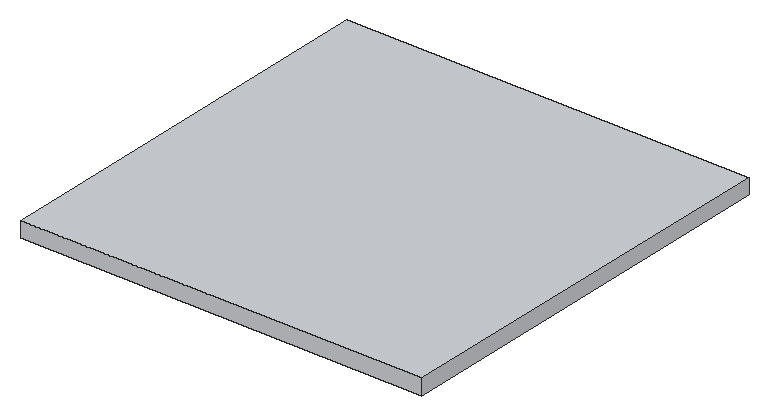
Revit family
Parameters (values of type "OW1344-1FS28(120V)")
  Wattage Comments = "28W"
  Wattage = 0.005453 W
  built-in parameter 1150110 = 1 (stored number, unit not read)
  Voltage = 120 V
  URL = "www.visalighting.com"
  Tilt Angle = 180.00°
  built-in parameter 1150109 = 1 (stored number, unit not read)
  built-in parameter 1150134 = 3
  built-in parameter 1150113 = 1 (stored number, unit not read)
  Mounting Type-Location = "Wall"
  Model = "OW1344"
  Max Current = 0.3 A
  Manufacturer Description = "Raven, Diffuse Optic, Exterior"
  Manufacturer = "Visa Lighting"
  MC (mounting center) = "24.1/8\""
  built-in parameter 1150105 = 0.064458 (stored number, unit not read)
  Lumens per Lamp = 2900
  Lumens = Lamp Qty * Lumens per Lamp  # 2900 lm
  built-in parameter 1150115 = 1 (stored number, unit not read)
  built-in parameter 1150137 = (empty or 0)
  built-in parameter 1114217 = 1 (stored number, unit not read)
  built-in parameter 1150139 = (empty or 0)
  built-in parameter 1150112 = 1 (stored number, unit not read)
  Lamp Qty = 1
  built-in parameter 1150114 = 1 (stored number, unit not read)
  Lamp = "28W T5, Mini Bi-Pin"
  Photometric Web File = "OW1344-1FS54.IES"
  built-in parameter 1150132 = 2
  built-in parameter 1150102 = (empty or 0)
  built-in parameter 1150107 = 3200 (stored number, unit not read)
  built-in parameter 1150138 = (empty or 0)
  built-in parameter 1150106 = 0.00064458 (stored number, unit not read)
  Fixture Width = "3.3/8\""
  Fixture Length = "48.3/4\""
  Fixture Depth = "4\""
  Emit from Line Length = 0' - 1"
  built-in parameter 1150104 = 13.8 (stored number, unit not read)
  Dimming Lamp Color Temperature Shift = (empty or 0)
  Default Elevation = 0' - 0"
  Data Datecode = "XXX"
  Color Filter = 16777215
  Ballast Factor Comment = "1.00"
  built-in parameter 1114218 = 1 (stored number, unit not read)
  built-in parameter 1150133 = 10 (stored number, unit not read)
  Apparent Load = Max Current * Voltage  # 36 VA
Types (5): name | Wattage Comments | Wattage | Voltage | Max Current | built-in parameter 1150105 | Lumens per Lamp | Lumens | Lamp | built-in parameter 1150106 | Default Elevation | Apparent Load
  (no name) | "28W" | 0.005453 W | 120 V | 0.3 A | 0.064458 (stored number, unit not read) | 2900 | 2900 lm | "28W T5, Mini Bi-Pin" | 0.00064458 (stored number, unit not read) | 0' - 0" | 36 VA
  OW1344-1FS28(120V) | "28W" | 0.005453 W | 120 V | 0.3 A | 0.064458 (stored number, unit not read) | 2900 | 2900 lm | "28W T5, Mini Bi-Pin" | 0.00064458 (stored number, unit not read) | 0' - 0" | 36 VA
  OW1344-1FS54(120V) | "54W" | 33.6605 W | 120 V | 0.58 A | 397.89 (stored number, unit not read) | 5000 | 5000 lm | "54W T5HO, Mini Bi-Pin" | 3.9789 (stored number, unit not read) | 0' - 0" | 69.6 VA
  OW3144-1FS28(277V) | "28W" | 0.005453 W | 277 V | 0.14 A | 0.064458 (stored number, unit not read) | 2900 | 2900 lm | "28W T5, Mini Bi-Pin" | 0.00064458 (stored number, unit not read) | 6' - 0" | 38.78 VA
  OW1344-1FS54(277V) | "54W" | 33.6605 W | 277 V | 0.25 A | 397.89 (stored number, unit not read) | 5000 | 5000 lm | "54W T5HO, Mini Bi-Pin" | 3.9789 (stored number, unit not read) | 0' - 0" | 69.25 VA
Reference planes (in)
  plane 1 "Light Source Axis (F/B)": y = -0.85428
  plane 2: z = 0
  plane 3 "Light Source Axis (L/R)": x = 0
  plane 4 "Light Source Elevation": z = 2.0625
Forms (in)
  Extrusion 1, solid
    sketch origin (0, 0, 0) x (1, 0, 0) y (0, 1, 0)
      loop
        line (-48, 48) -> (-48, -49.64982) -> (48, -49.64982) -> (48, 48) -> (-48, 48)
    from 0 to -3.7693
Dimensions and locks (in)
  aligned and locked: plane 2 to Extrusion 1
  aligned and locked: level to Extrusion 1
  aligned and locked: plane 3 "Light Source Axis (L/R)" to imposter light
  aligned and locked: plane 1 "Light Source Axis (F/B)" to imposter light
  aligned and locked: plane 4 "Light Source Elevation" to imposter light
  aligned and locked: Extrusion 1 to import instance
Connectors (in)
  electrical at (0, -0.82491, 0), driven by "Apparent Load", driven by "Voltage"
    settings: on Extrusion 1, index 1
